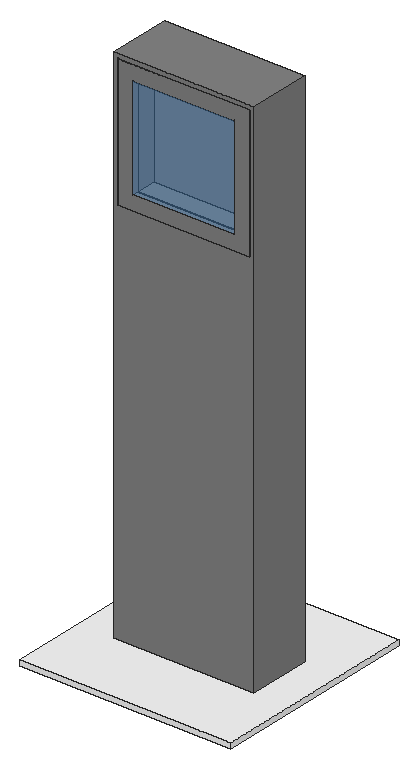
Revit family "BE_84411_de_DE", category Leuchten, Revit 2020
Family settings
  Basisbauteil = Fläche
  Bemaßung runder Anschluss = Durchmesser verwenden
  Teiletyp = Normal
  Beim Laden mit Abzugskörper schneiden = Ja
  Lichtquelle = Ja
  Gemeinsam genutzt = Nein
  Raumberechnungspunkt = Ja
Parameters (values of type "BEGA_84411_Grafit_K4")
  built-in parameter 1150104 = 19.93 (stored number, unit not read)
  Wattage = 9.3 W
  Default Elevation = 0 mm
  built-in parameter 1150113 = 1 (stored number, unit not read)
  built-in parameter 1114218 = 1 (stored number, unit not read)
  Umgebungstemperatur = "25 °C"
  URL = "https://www.bega.com/de/produkt/84411"
  Typenkommentare = "© 2022 BEGA. Wir behalten uns das Recht vor, technische Änderungen ohne vorherige Ankündigung vorzunehmen."  # constant formula
  Type Image = 84411.png
  built-in parameter 1150134 = 12
  built-in parameter 1150109 = 1 (stored number, unit not read)
  Strom = ""
  built-in parameter 1150110 = 1 (stored number, unit not read)
  Spannung = 239.996 V
  Sonderanfertigung = no
  Seriennummer [instance] = "Hier können Sie die eindeutige Seriennummer für das Facility Management eintragen."
  Schutzklasse = "I"
  Schutzart = "IP 65"
  Scheinlast = 0 VA
  Produktdatenblatt = "https://cdn.bega.com/bega/products/84411K3/current/documents/data-sheets/de"
  Neigungswinkel = 0.00°
  Modell = "84411K4"
  Material_10 = BEGA_Glas_matt
  Material_01 [instance] = BEGA_Oberfläche_Grafit_matt
  M_W = no
  M_G = yes
  M_A = no
  Logo = 0
  built-in parameter 1114217 = 1 (stored number, unit not read)
  built-in parameter 1150139 = (empty or 0)
  built-in parameter 1150105 = 158.76 (stored number, unit not read)
  built-in parameter 1150114 = 1 (stored number, unit not read)
  Lumens = 1995.04 lm
  built-in parameter 1150115 = 1 (stored number, unit not read)
  Leuchtenlichtstrom = "781 lm"
  Leuchtenanzahl = ""
  Lebensdauerkriterien = "L70B50 @ 25 °C = 180000 h"
  Lastklassifizierung = Beleuchtung
  built-in parameter 1150112 = 1 (stored number, unit not read)
  Lampenlichtstrom = "1835 lm"
  Lampe = "LED 9.5 W"
  LED_Modulbezeichnung = "LED-0803/840"
  built-in parameter 1150142 = (empty or 0)
  Hersteller = "BEGA"  # constant formula
  Halbstreuwinkel = ""
  Gewicht = "15.75 kg"
  Frequenz = "0/50-60 Hz"
  Farbwiedergabeindex = "CRI > 80"
  Farbtemperaturverschiebung bei Dämpfen der Lampe = <Keine Auswahl>
  Farbtemperatur = "4000 K"
  Color Filter = 16777215
  built-in parameter 1150133 = 10 (stored number, unit not read)
  Energieeffizienzklasse = "LED A++ - A"
  built-in parameter 1150137 = (empty or 0)
  built-in parameter 1150132 = (empty or 0)
  ENEC = "ja"
  Datei für fotometrisches Netz = "BE_84411K4.IES"
  CE_Konformität = "ja"
  Bestellnummer_Erdstück [instance] = "---"
  Bestellnummer = "84411K4"
  Beschreibung_Sonderanfertigung = "Hier können Sie Informationen zur Sonderanfertigung eintragen."
  Beschreibung = "Pollerleuchte"
  built-in parameter 1150106 = 1.5876 (stored number, unit not read)
  Befestigungsbohrung = "Ø 9 mm"
  Befestigungsabstand = "220 mm"
  Ballwurfsicher = ""
  BEGA_Intern_aus = yes
  BEGA_Intern_an = yes
  BEGA_Intern_Konstruktion = yes
  BEGA_Intern = yes
  BEGA_Infotext_Winkel [instance] = no
  BEGA_Dummy = no
  Anschlussleitung = "0.5 m"
  Anschlussleistung [instance] = "11 W"
  Anschlusskasten = ""
  built-in parameter 1150107 = 4000 (stored number, unit not read)
  built-in parameter 1150102 = (empty or 0)
  built-in parameter 1150138 = (empty or 0)
  Aktualisierung = "2022-05-19T04:00:07"
  Abstand_zur_angestrahlten_Fläche [instance] = ""
  AC/DC = "AC/DC"
Types (2, lengths in mm): name | built-in parameter 1150104 | built-in parameter 1150134 | Modell | built-in parameter 1150105 | Lumens | Leuchtenlichtstrom | Lampenlichtstrom | LED_Modulbezeichnung | Farbtemperatur | Datei für fotometrisches Netz | Bestellnummer | built-in parameter 1150106 | built-in parameter 1150107
  BEGA_84411_Grafit_K3 | 19.38 (stored number, unit not read) | (empty or 0) | "84411K3" | 154.38 (stored number, unit not read) | 1939.98 lm | "743 lm" | "1745 lm" | "LED-0803/830" | "3000 K" | "BE_84411K3.IES" | "84411K3" | 1.5438 (stored number, unit not read) | 3000 (stored number, unit not read)
  BEGA_84411_Grafit_K4 | 19.93 (stored number, unit not read) | 12 | "84411K4" | 158.76 (stored number, unit not read) | 1995.04 lm | "781 lm" | "1835 lm" | "LED-0803/840" | "4000 K" | "BE_84411K4.IES" | "84411K4" | 1.5876 (stored number, unit not read) | 4000 (stored number, unit not read)
Reference planes
  plane 1 "Mitte (Vorne/Hinten)": y = 0
  plane 2: z = 0
  plane 3 "Mitte (Links/Rechts)": x = 0
  plane 4 "Links": x = -134
  plane 5 "Rechts": x = 134
  plane 6 "Unten": y = -60.637
  plane 7 "Oben": y = 60.75
  plane 8 "Vorne": z = 1000.208
  plane 9 "Hinten": z = 0
Forms (mm)
  Extrusion 1, solid, material "BEGA_Platte_Weiss"
    sketch origin (0, -1119.2, 0) x (1, 0, 0) y (0, 1, 0)
      loop
        line (-200, 1319.2) -> (-200, 919.2) -> (200, 919.2) -> (200, 1319.2) -> (-200, 1319.2)
    from 0 to -10
  Extrusion 2, solid, material "BEGA_Dummy_matt", visible <- "BEGA_Dummy"
    sketch origin (80.095, -76.023, 0) x (1, 0, 0) y (0, 1, 0)
      loop
        line (-214.095, 136.773) -> (-214.095, 15.386) -> (53.905, 15.386) -> (53.905, 136.773) -> (-214.095, 136.773)
    from 0 to 1000.208
Dimensions and locks
  plane 1 "Mitte (Vorne/Hinten)" to Extrusion 1 = 200 mm
  aligned and locked: Extrusion 1 to plane 2
  aligned and locked: Extrusion 1 to level
Nested families
  nested 1: "BE_84411" at (0, 0, 0), type "BE_84411"
Connectors
  electrical at (0, 0, 0), driven by "Lastklassifizierung", driven by "Spannung", driven by "Scheinlast"
    settings: index 1, voltage 239.996 V, apparent load 0 VA, apparent load phase1 0 VA, apparent load phase2 0 VA, apparent load phase3 0 VA, power factor 1, load classification "Beleuchtung", number of poles 1, system type 31, power factor state 1, is connector primary yes, connector utility no, sub classification motor no, connector description ""
Definition of nested family "BE_84411"
  Parameters (values of type "BE_84411")
    Default Elevation = 1 mm
    URL = "http://www.bega.de/de/produkt"
    Type Comments = "© 2015 BEGA. Wir behalten uns das Recht vor, technische Änderungen ohne vorherige Ankündigung vorzunehmen. "  # constant formula
    Type Image = (empty or 0)
    Material_10 = none
    Material_01 = none
    M_W = yes
    M_G = yes
    M_A = yes
    Länge_Platte = 400 mm  # constant formula
    Höhe_Platte = -10 mm  # constant formula
    Manufacturer = "BEGA"  # constant formula
    Breite_Platte = 400 mm  # constant formula
  Reference planes
    plane 1 "Mitte (Oben/Unten)": y = 0
    plane 2: z = 0
    plane 3 "Mitte (Links/Rechts)": x = 0
    plane 4: x = -134
    plane 5: y = 60.75
    plane 6: x = 134
    plane 7: y = -60.75
    plane 8: z = 1000.208
  Forms (mm)
    Extrusion 1, solid, detail levels medium
      sketch origin (0, 0, 0) x (1, 0, 0) y (0, 1, 0)
        loop
          line (-200, 200) -> (-200, -200) -> (200, -200) -> (200, 200) -> (-200, 200)
      from 0 to -10 <- "Höhe_Platte"
    Extrusion 2, solid, material <- "Material_01"
      sketch origin (0, 0, 0) x (1, 0, 0) y (0, 1, 0)
        loop
          line (-134, 60.75) -> (-134, -60.75) -> (134, -60.75) -> (134, 60.75) -> (-134, 60.75)
      from 0 to 1000.208
    Extrusion 3, void
      sketch origin (1.542, 0, 150.602) x (1, 0, 0) y (0, 0, -1)
        loop
          line (95.967, -813.389) -> (95.967, -618.389) -> (-99.033, -618.389) -> (-99.033, -813.389) -> (95.967, -813.389)
      from -60.75 to -10
    Extrusion 4, void
      sketch origin (0, 0, 0) x (1, 0, 0) y (0, 0, -1)
        loop
          line (125.5, -992) -> (125.5, -741) -> (-125.5, -741) -> (-125.5, -992) -> (125.5, -992)
      from -60.75 to -49.31
    Extrusion 5, solid, material <- "Material_01"
      sketch origin (0, 0, 0) x (1, 0, 0) y (0, 0, -1)
        loop
          line (125.096, -991.6) -> (125.096, -741.404) -> (-125.1, -741.404) -> (-125.1, -991.6) -> (125.096, -991.6)
        loop
          line (97.509, -963.991) -> (97.509, -768.991) -> (-97.491, -768.991) -> (-97.491, -963.991) -> (97.509, -963.991)
      from -60.75 to -49.31
    Extrusion 6, solid, material <- "Material_10"
      sketch origin (0.752, 0, 156.392) x (1, 0, 0) y (0, 0, -1)
        loop
          line (96.757, -807.882) -> (96.757, -612.6) -> (-98.243, -612.6) -> (-98.243, -807.882) -> (96.757, -807.882)
      from -60.75 to -49.31
  Cuts and joins
    Extrusion 3, Extrusion 4 cuts Extrusion 2
  Dimensions and locks
    equal spacing: Extrusion 1 sketch curve, plane 3 "Mitte (Links/Rechts)", Extrusion 1 sketch curve
    equal spacing: Extrusion 1 sketch curve, plane 1 "Mitte (Oben/Unten)", Extrusion 1 sketch curve
    "Länge_Platte": Extrusion 1 sketch curve to Extrusion 1 sketch curve
    "Breite_Platte": Extrusion 1 sketch curve to Extrusion 1 sketch curve
    aligned and locked: Extrusion 1 to plane 2
    aligned and locked: level to Extrusion 1
  Automatic sketch dimensions
    Extrusion 2 sketch curve to plane 3 "Mitte (Links/Rechts)" = 134 mm
    plane 3 "Mitte (Links/Rechts)" to Extrusion 2 sketch curve = 134 mm
    plane 1 "Mitte (Oben/Unten)" to Extrusion 2 sketch curve = 60.75 mm
    Extrusion 2 sketch curve to plane 1 "Mitte (Oben/Unten)" = 60.75 mm
    Extrusion 3 sketch curve to plane 3 "Mitte (Links/Rechts)" = 97.491 mm
    plane 3 "Mitte (Links/Rechts)" to Extrusion 3 sketch curve = 97.509 mm
    level to Extrusion 3 sketch curve = 963.991 mm
    Extrusion 3 sketch curve to Extrusion 3 sketch curve = 195 mm
    Extrusion 4 sketch curve to plane 3 "Mitte (Links/Rechts)" = 125.5 mm
    plane 3 "Mitte (Links/Rechts)" to Extrusion 4 sketch curve = 125.5 mm
    level to Extrusion 4 sketch curve = 992 mm
    Extrusion 4 sketch curve to Extrusion 4 sketch curve = 251 mm
    Extrusion 5 sketch curve to plane 3 "Mitte (Links/Rechts)" = 125.1 mm
    Extrusion 5 sketch curve to Extrusion 5 sketch curve = 27.609 mm  (x2)
    plane 3 "Mitte (Links/Rechts)" to Extrusion 5 sketch curve = 97.509 mm
    Extrusion 5 sketch curve to Extrusion 5 sketch curve = 27.587 mm  (x2)
    level to Extrusion 5 sketch curve = 991.6 mm
    Extrusion 5 sketch curve to Extrusion 5 sketch curve = 195 mm
    Extrusion 6 sketch curve to plane 3 "Mitte (Links/Rechts)" = 97.491 mm
    plane 3 "Mitte (Links/Rechts)" to Extrusion 6 sketch curve = 97.509 mm
    level to Extrusion 6 sketch curve = 964.274 mm
    Extrusion 6 sketch curve to Extrusion 6 sketch curve = 195.283 mm
